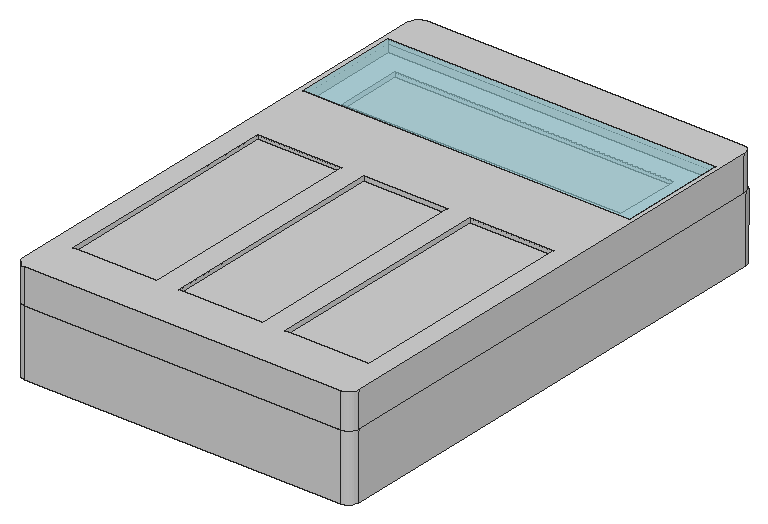
Revit family "Building-QuadriIEC309-GEWISS-68QDIN-QUADRI-PRESE-14MOD_3PRESE_IB_VERT", category Apparecchi elettrici, host Superficie, Revit 2019
Family settings
  Host = Superficie
  Mantenere orientamento annotazione = Sì
  Quota connettore circolare = Usa diametro
  Tipo di parte = Normale
  Taglio con vuoti quando caricato = No
  Condiviso = No
  Punto di calcolo locali = Sì
Parameters (values of type "GW68010N - Q-DIN 14M 3FLANGE PR.BL.VR.SBF IP65")
  visibilita posizionamento 2d [instance] = yes
  simbolo 2d [instance] = yes
  oggetto in pianta [instance] = not(visibilita posizionamento 2d)  # no
  distanza_simbolo [instance] = 0.1 mm
  bordo acceso [instance] = yes
  Visibilità sportello [instance] = yes
  Versione file RFA = "21.5"
  VETRO = Vetro
  URL = "https://www.gewiss.com/it/it"
  Tipologia di installazione = "Da parete"
  Tipo versione = "Vuoto"
  Termopressione con biglia = "70 °C"
  Temperatura di utilizzo = "-25 +40 °C"
  Temperatura di funzionamento = "-25 ÷ +40 °C"
  Spostamento_effettivo_S [instance] = 4000 mm - Spostamento_S  # 3000 mm
  Spostamento_S = 1000 mm
  Simbolo_quadro [instance] = not(simbolo 2d)  # no
  Scheda Tecnica = "https://www.gewiss.com/it/it/search?q=GW68010N"
  STRUTTURA ALTA = Poche
  STRUTTURA = RAL - 7035
  SEO = "Quadretto"
  Resistenza agli urti = "IK08"
  Default Elevation = 1219.2 mm
  Produttore = "GEWISS S.p.A."
  Potenza dissipabile B (W) = "64"
  Potenza dissipabile A (W) = "24"
  PRESA = rosso
  POMELLO = bianco
  N_Moduli = 14 mm
  N. prese alloggiabili = "3 IB Vert. 16/32 A IP67"
  N. prese IB alloggiabili: = "3 IB Vert. 16/32 A IP67"
  N. mod. EN 50022 = "14"
  N. flange in dotazione = "1 IB 16/32 A"
  N. coperchi ciechi in dotazione = "1 IB 16/32 A"
  N. IEC 309/IB alloggiabili = "3 IB Vert. 16/32 A IP67"
  Modello = "GW68010N"
  L_Moduli = N_Moduli * 19  # 266 mm
  Immagine tipo = GW68010N.jpg
  IDT = "b7fa234f-6082-4e77-ab12-b88f512de078"
  IDF = "dc7cd8bb-f800-4397-9026-7208e22c2b9e"
  Grado di protezione = "IP65"
  Glow Wire Test = "650°C"
  Descrizione = "Q-DIN 14M 3FLANGE PR.BL.VR.SBF IP65"
  Creato da GEWISS S.p.A. = ""
  ConformitÃ  normativa = "EN 60208 - EN 60670-1 - IEC 60670-24"
  Colore = "Grigio RAL 7035"
  Codice Electrocod = "2242"
  Codice EAN = "8011564744813"
  Classe isolamento = "II"
  Catalogo Serie = "68 QDIN"
  Catalogo = "BUILDING"
  COBie.Tagnumber = ""
  COBie.CreatedOn = ""
  COBie.CreatebBy = ""
  COBie.ComponentRegisterItemID = ""
  COBie.Component.TagNumber = ""
  COBie.Component.Space = ""
  COBie.Component.SerialNumber = ""
  COBie.Component.InstallationDate = ""
  COBie.Component.Description = ""
  COBie.Component.BarCode = ""
Reference planes
  plane 1 "Centro (Fronte/Retro)": y = 0
  plane 2: z = 0
  plane 3 "Centro (Sinistra/Destra)": x = 0
  plane 4: x = -3000
  plane 5: x = 0
Forms (mm)
  Extrusion 1, solid, detail levels coarse
    sketch origin (0, 0, 0) x (1, 0, 0) y (0, 1, 0)
      loop
        line (-160, 478) -> (-160, 0) -> (160, 0) -> (160, 478) -> (-160, 478)
    from 0 to 96
Lines and regions (mm)
  Masking region 1, visible <- "visibilita posizionamento 2d"
    outline origin (0, 0, 0) x (1, 0, 0) y (0, 0, 1)
      loop
        line (-160, 0) -> (160, 0) -> (160, 96) -> (-160, 96) -> (-160, 0)
Dimensions and locks
  plane 4 to plane 3 "Centro (Sinistra/Destra)" = 3000 mm
  "Spostamento_effettivo_S": plane 4 to plane 5
  aligned and locked: plane 2 to host face
  aligned and locked: level to host face
  aligned and locked: nested 1 to plane 5
  aligned and locked: nested 3 to plane 5
  aligned and locked: nested 2 to plane 5
  aligned and locked: Extrusion 1 sketch curve to nested 2  (x2)
  aligned and locked: nested 2 to Extrusion 1 sketch curve
  aligned and locked: plane 1 "Centro (Fronte/Retro)" to nested 2
  aligned and locked: Extrusion 1 to nested 2
Automatic sketch dimensions
  host sketch curve to host sketch curve = 2438.4 mm  (x2)
  Masking region 1 sketch curve to level = 0 mm
  Masking region 1 sketch curve to plane 3 "Centro (Sinistra/Destra)" = 160 mm
  plane 3 "Centro (Sinistra/Destra)" to Masking region 1 sketch curve = 160 mm
  Masking region 1 sketch curve to Masking region 1 sketch curve = 96 mm
  plane 1 "Centro (Fronte/Retro)" to Extrusion 1 sketch curve = 0 mm
Nested families
  nested 1: "CENTRALINO" at (0, 737.795, 0), BORDO ACCESO <- "bordo acceso", SIMBOLO ACCESO <- "simbolo 2d", Distanza dal muro <- "distanza_simbolo", visible <- "simbolo 2d", type "CENTRALINO"
    with SIMBOLO ACCESO yes, Distanza dal muro 0.1 mm, BORDO ACCESO yes
  nested 2: "68QDIN14 QUADRO DISTRIBUZ X 3 PRESE IND VERT_BASE" at (0, 316, 0), Visibilita sportello <- "Visibilità sportello", type "68QDIN14 QUADRO DISTRIBUZ X 3 PRESE IND VERT_BASE", detail levels medium+fine
  nested 3: "simb_CENTRALINO_BASE_cad pro" at (0, 737.795, 0), Distanza dal muro <- "distanza_simbolo", visible <- "Simbolo_quadro", SIMBOLO ACCESO <- "Simbolo_quadro", type "simb_CENTRALINO_BASE_cad pro"
    with SIMBOLO ACCESO no, Distanza dal muro 0.1 mm, BORDO ACCESO yes
Definition of nested family "68QDIN14 QUADRO DISTRIBUZ X 3 PRESE IND VERT_BASE"
  Parameters (values of type "68QDIN14 QUADRO DISTRIBUZ X 3 PRESE IND VERT_BASE")
    n_moduli = 105 mm
    h_moduli = 64 mm
    Visibilita sportello [instance] = yes
    Vetro = none
    Struttura = none
    Spessore = 96 mm
    Default Elevation = 14 mm
    Presa = none
    Larghezza = 320 mm
    IFC.TypeObject = ""
    IFC.ExportType = ""
    IFC.ExportAs = ""
    H_da terra = 589.057 mm
    COBie.CreatedOn = ""
    COBie.CreatebBy = ""
    COBie.ComponentRegisterItemID = ""
    COBie.Component.TagNumber = ""
    COBie.Component.Space = ""
    COBie.Component.SerialNumber = ""
    COBie.Component.InstallationDate = ""
    COBie.Component.Description = ""
    COBie.Component.BarCode = ""
    Altezza scatole = 350 mm
    Altezza quadro = 150 mm
    Altezza = 258 mm
  Reference planes
    plane 1 "Centro (Fronte/Retro)": y = 0
    plane 2: z = 0
    plane 3 "Centro (Sinistra/Destra)": x = 0
    plane 4: z = 69.589
    plane 5: z = 115.626
    plane 6: z = 63
    plane 7: x = -160
    plane 8: x = 160
    plane 9: x = -156
    plane 10: x = 156
    plane 11: y = 123.21
    plane 12: y = 21.246
    plane 13: y = 0
    plane 14: y = -271
    plane 15: y = -51
    plane 16: y = -316
    plane 17: y = 162
    plane 18: z = 58
    plane 19: y = 103
    plane 20: y = 39
    plane 21: x = -52.5
    plane 22: x = 52.5
    plane 23: z = 92.059
    plane 24: z = 96
    plane 25 "posizionamento moduli": z = 84.734
    plane 26: z = 80.558
    plane 27: y = 71
    plane 28: x = -141
    plane 29: x = 158.1
    plane 30: x = -61
    plane 31: x = -40
    plane 32: x = 40
    plane 33: x = 61
    plane 34: x = 141
  Forms (mm)
    Extrusion 1, solid, material <- "Struttura"
      sketch origin (0, -857.311, 0) x (1, 0, 0) y (0, 1, 0)
        loop
          arc (-150, 1019.311) -> (-157.071, 1016.382) -> (-160, 1009.311) r 10
          line (-160, 1009.311) -> (-160, 551.311)
          arc (-160, 551.311) -> (-157.071, 544.24) -> (-150, 541.311) r 10
          line (-150, 541.311) -> (150, 541.311)
          arc (150, 541.311) -> (157.071, 544.24) -> (160, 551.311) r 10
          line (160, 551.311) -> (160, 1009.311)
          arc (160, 1009.311) -> (157.071, 1016.382) -> (150, 1019.311) r 10
          line (150, 1019.311) -> (-150, 1019.311)
      from 63 to 96
    Extrusion 2, solid, material <- "Struttura"
      sketch origin (0, -857.311, 0) x (1, 0, 0) y (0, 1, 0)
        loop
          line (152.45, 1019.311) -> (-156.38, 1019.311)
          arc (-156.38, 1019.311) -> (-158.94, 1018.251) -> (-160, 1015.691) r 3.62
          line (-160, 1015.691) -> (-160, 551.311)
          arc (-160, 551.311) -> (-157.071, 544.24) -> (-150, 541.311) r 10
          line (-150, 541.311) -> (150, 541.311)
          arc (150, 541.311) -> (157.071, 544.24) -> (160, 551.311) r 10
          line (160, 551.311) -> (160, 1011.76)
          arc (160, 1011.76) -> (157.789, 1017.099) -> (152.45, 1019.311) r 7.55
      from 0 to 63
    Extrusion 3, void
      sketch origin (0, -857.311, 0) x (1, 0, 0) y (0, 1, 0)
        loop
          line (-156, 980.52) -> (-156, 878.557) -> (156, 878.557) -> (156, 980.52) -> (-156, 980.52)
      from 69.589 to 96
    Extrusion 4, solid, material <- "Vetro", visible <- "Visibilita sportello", detail levels fine
      sketch origin (0, -857.311, 0) x (1, 0, 0) y (0, 1, 0)
        loop
          line (-156, 980.52) -> (-156, 878.557) -> (156, 878.557) -> (156, 980.52) -> (-156, 980.52)
      from 92.059 to 96
    Extrusion 5, void
      sketch origin (0, 0, 0) x (1, 0, 0) y (0, 1, 0)
        loop
          line (-52.5, 39) -> (52.5, 39) -> (52.5, 103) -> (-52.5, 103) -> (-52.5, 39)
      from 80.558 to 84.734
    Extrusion 6, solid
      sketch origin (0, 0, 0) x (1, 0, 0) y (0, 1, 0)
        loop
          line (-156, 123.21) -> (-156, 21.246) -> (156, 21.246) -> (156, 123.21) -> (-156, 123.21)
      from 80.558 to 84.734
    Extrusion 7, void
      sketch origin (0, 0, 84.734) x (0, -1, 0) y (1, 0, 0)
        loop
          line (51, -141) -> (271, -141) -> (271, -61) -> (51, -61) -> (51, -141)
        loop
          line (271, -40) -> (271, 40) -> (51, 40) -> (51, -40) -> (271, -40)
        loop
          line (51, 61) -> (271, 61) -> (271, 141) -> (51, 141) -> (51, 61)
      from 7.325 to 11.266
  Cuts and joins
    Extrusion 3, Extrusion 7 cuts Extrusion 1
    Extrusion 5 cuts Extrusion 6
    Extrusion 5 cuts Extrusion 4
  Lines and regions (mm)
    model lines
      curve 1: line (-52.5, 71, 84.734) -> (52.5, 71, 84.734)
  Dimensions and locks
    plane 4 to plane 5 = 46.036 mm
    locked: plane 7 to plane 9 at 4
    locked: plane 10 to plane 8 at 4
    equal spacing: plane 7, plane 3 "Centro (Sinistra/Destra)", plane 8
    "Larghezza": plane 7 to plane 8
    plane 13 to plane 15 = 51 mm
    plane 1 "Centro (Fronte/Retro)" to plane 17 = 162 mm
    plane 16 to plane 13 = 316 mm
    plane 12 to plane 1 "Centro (Fronte/Retro)" = 21.246 mm
    plane 11 to plane 17 = 38.79 mm
    locked: plane 6 to plane 18 at 5
    locked: plane 17 to plane 19 at 59
    "h_moduli": plane 19 to plane 20
    equal spacing: plane 21, plane 3 "Centro (Sinistra/Destra)", plane 22
    "n_moduli": plane 21 to plane 22
    locked: plane 24 to plane 23 at 3.941
    plane 6 to plane 2 = 63 mm
    locked: plane 23 to plane 25 "posizionamento moduli" at 7.325
    locked: plane 25 "posizionamento moduli" to plane 26 at 4.176
    equal spacing: plane 19, plane 27, plane 20
    locked: plane 29 to plane 8 at 1.9
    plane 28 to plane 30 = 80 mm  (x2)
    plane 30 to plane 31 = 21 mm
    plane 33 to plane 34 = 80 mm
    equal spacing: plane 31, plane 3 "Centro (Sinistra/Destra)", plane 32
    plane 31 to plane 3 "Centro (Sinistra/Destra)" = 40 mm
    plane 32 to plane 33 = 21 mm
    plane 15 to plane 14 = 220 mm
    radius of Extrusion 2 sketch curve = 10 mm  (x2)
    radius of Extrusion 2 sketch curve = 3.62 mm
    radius of Extrusion 2 sketch curve = 7.55 mm
    radius of Extrusion 1 sketch curve = 10 mm  (x4)
    aligned and locked: level to plane 2
    aligned and locked: cut or joined group of Extrusion 1, Extrusion 3, Extrusion 7 to plane 4
    aligned and locked: plane 7 to Extrusion 2 sketch curve
    aligned and locked: plane 8 to Extrusion 2 sketch curve
    aligned and locked: plane 8 to Extrusion 1 sketch curve
    aligned and locked: plane 7 to Extrusion 1 sketch curve
    aligned and locked: Extrusion 4 sketch curve to plane 9
    aligned and locked: Extrusion 4 sketch curve to plane 10
    aligned and locked: Extrusion 3 sketch curve to plane 9
    aligned and locked: Extrusion 3 sketch curve to plane 10
    aligned and locked: Extrusion 4 sketch curve to plane 11
    aligned and locked: Extrusion 4 sketch curve to plane 12
    aligned and locked: Extrusion 3 sketch curve to plane 11
    aligned and locked: Extrusion 3 sketch curve to plane 12
    aligned and locked: plane 16 to Extrusion 2 sketch curve
    aligned and locked: plane 1 "Centro (Fronte/Retro)" to plane 13
    aligned and locked: plane 17 to Extrusion 1 sketch curve
    aligned and locked: Extrusion 5 sketch curve to plane 21
    aligned and locked: Extrusion 5 sketch curve to plane 19
    aligned and locked: Extrusion 5 sketch curve to plane 20
    aligned and locked: Extrusion 5 sketch curve to plane 22
    aligned and locked: plane 25 "posizionamento moduli" to Extrusion 5
    aligned and locked: Extrusion 5 to plane 26
    aligned and locked: Extrusion 6 sketch curve to plane 11
    aligned and locked: Extrusion 6 sketch curve to plane 12
    aligned and locked: Extrusion 6 to plane 26
    aligned and locked: plane 25 "posizionamento moduli" to Extrusion 6
    aligned and locked: Extrusion 6 sketch curve to Extrusion 4  (x2)
    aligned and locked: plane 27 to curve 1
    aligned and locked: plane 16 to Extrusion 1 sketch curve
    aligned and locked: Extrusion 2 sketch curve to plane 17
    aligned and locked: Extrusion 7 sketch curve to plane 15
    aligned and locked: Extrusion 7 sketch curve to plane 28
    aligned and locked: Extrusion 7 sketch curve to plane 30
    aligned and locked: Extrusion 7 sketch curve to plane 31
    aligned and locked: Extrusion 7 sketch curve to plane 32
    aligned and locked: Extrusion 7 sketch curve to plane 33
    aligned and locked: Extrusion 7 sketch curve to plane 34
    aligned and locked: Extrusion 1 to Extrusion 7
    aligned and locked: Extrusion 7 to plane 23
    aligned and locked: Extrusion 7 sketch curve to plane 14  (x3)
  Automatic sketch dimensions
    curve 1 to plane 21 = 0 mm
    curve 1 to plane 22 = 0 mm
    plane 15 to Extrusion 7 sketch curve = 0 mm
    Extrusion 7 sketch curve to plane 15 = 0 mm
Definition of nested family "CENTRALINO"
  Parameters (values of type "CENTRALINO")
    SIMBOLO ACCESO [instance] = yes
    Distanza dal muro [instance] = 0 mm
    BORDO ACCESO [instance] = yes
  Reference planes
    plane 1: y = 0
    plane 2: x = 0
  Dimensions and locks
    "Distanza dal muro": plane 1 to nested 1
    aligned and locked: plane 2 to nested 1
  Nested families
    nested 1: "CENTRALINO_BASE" at (0, 0, 0), BORDO ACCESO <- "BORDO ACCESO", visible <- "SIMBOLO ACCESO", type "CENTRALINO"
      with BORDO ACCESO yes
  Definition of nested family "CENTRALINO_BASE"
    Parameters (values of type "CENTRALINO")
      Distanza dal muro = 0 mm
      BORDO ACCESO [instance] = yes
    Reference planes
      plane 1: y = 0
      plane 2: x = 0
    Lines and regions (mm)
      detail lines, visible <- "BORDO ACCESO", not visible
        curve 1: line (-2.443, 10.208, 0) -> (2.057, 10.208, 0)
        curve 2: line (2.057, 10.208, 0) -> (2.057, 4.208, 0)
        curve 3: line (2.057, 4.208, 0) -> (-2.443, 4.208, 0)
        curve 4: line (-2.443, 4.208, 0) -> (-2.443, 10.208, 0)
        curve 5: line (-2.043, 9.808, 0) -> (1.657, 9.808, 0)
        curve 6: line (1.657, 9.808, 0) -> (1.657, 4.608, 0)
        curve 7: line (1.657, 4.608, 0) -> (-2.043, 4.608, 0)
        curve 8: line (-2.043, 4.608, 0) -> (-2.043, 9.808, 0)
      detail lines
        curve 9: line (0, 0.671, 0) -> (0, 0, 0)
        curve 10: line (0.659, 0.671, 0) -> (0.659, 1.33, 0)
        curve 11: line (0.659, 1.33, 0) -> (-0.659, 1.33, 0)
        curve 12: line (-0.659, 1.33, 0) -> (-0.659, 0.671, 0)
        curve 13: line (-0.659, 0.671, 0) -> (0.659, 0.671, 0)
        curve 14: line (0.497, 1.33, 0) -> (0.497, 2, 0)
        curve 15: line (0.167, 1.33, 0) -> (0.167, 2, 0)
        curve 16: line (-0.162, 1.33, 0) -> (-0.162, 2, 0)
        curve 17: line (-0.491, 1.33, 0) -> (-0.491, 2, 0)
Definition of nested family "simb_CENTRALINO_BASE_cad pro"
  Parameters (values of type "simb_CENTRALINO_BASE_cad pro")
    SIMBOLO ACCESO [instance] = yes
    Distanza dal muro [instance] = 0 mm
    BORDO ACCESO [instance] = yes
  Reference planes
    plane 1: y = 0
    plane 2: x = 0
  Dimensions and locks
    "Distanza dal muro": plane 1 to nested 1
    aligned and locked: plane 2 to nested 1
  Nested families
    nested 1: "CENTRALINO_BASE_cad pro" at (0, 0, 0), type "CENTRALINO"
  Definition of nested family "CENTRALINO_BASE_cad pro"
    Parameters (values of type "CENTRALINO")
      Distanza dal muro = 0 mm
    Reference planes
      plane 1: y = 0
      plane 2: x = 0
    Lines and regions (mm)
      detail lines
        curve 1: line (1.33, 1.33, 0) -> (2.109, 1.33, 0)
        curve 2: line (2.109, 1.33, 0) -> (2.109, 0, 0)
        curve 3: line (2.109, 0, 0) -> (1.33, 0, 0)
        curve 4: line (1.33, 0, 0) -> (-1.33, 1.33, 0)
        curve 5: line (-1.33, 1.33, 0) -> (1.33, 1.33, 0)
        curve 6: line (1.33, 1.33, 0) -> (1.33, 0, 0)
        curve 7: line (1.33, 0, 0) -> (-1.33, 0, 0)
        curve 8: line (-1.33, 0, 0) -> (-1.33, 1.33, 0)
        curve 9: line (1.461, 0.665, 0) -> (1.977, 0.665, 0)
        curve 10: line (1.719, 0.665, 0) -> (1.719, 1.01, 0)
        curve 11: arc (1.977, 0.406, 0) -> (1.719, 0.665, 0) -> (1.461, 0.406, 0) r 0.258
